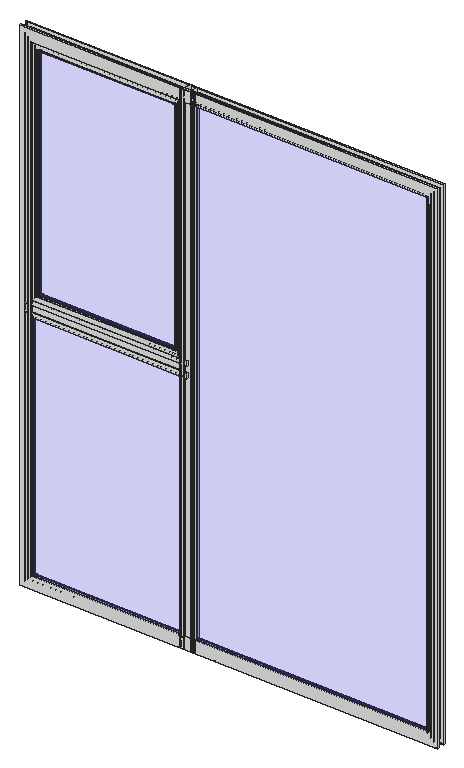
Revit family "WAL_A3-Classic-Side-Hung-1500x1800-PS1518R", category Windows, host Wall, Revit 2016
Family settings
  Host = Wall
  Always vertical = Yes
  Cut with Voids When Loaded = No
  Shared = No
  Room Calculation Point = No
Parameters (values of type "1500 x 1800 PS1518R Classic Side Hung")
  URL = "www.agi.co.za"
  Trim Material = Metal - Aluminium
  Model = "Top Hung"
  Manufacturer Code = "PS1518R"
  Manufacturer = "AGI Aluminium"
  Height = 1800 mm
  Glass Material = Glass
  Frame Material = Metal - Aluminium
  Description = "Classic Side Hung"
  Default Sill Height = 800 mm
  Wall Closure = By host
  Width = 1500 mm
  Assembly Code = "B2020110"
Reference planes
  plane 1 "Center": y = 0
  plane 2 "Center (Left/Right)": x = 0
  plane 3 "Left": x = -750
  plane 4 "Right": x = 750
  plane 5 "Sill": z = 800
  plane 6 "Head": z = 2600
  plane 7 "Exterior": y = 75
  plane 8 "Interior": y = -75
  plane 9: z = 2602
  plane 10: x = 752
  plane 11: x = -752
  plane 12: z = 798
  plane 13: z = 2564
  plane 14: z = 813.9
  plane 15: x = 736.1
  plane 16: x = -714
  plane 17: z = 1700
  plane 18: z = 1722
  plane 19: z = 1684
  plane 20: x = -150
  plane 21: x = -172
  plane 22: x = -134
  plane 23: z = 2586.1
  plane 24: x = -736.1
Forms (mm)
  Sweep 1, solid, material "Metal - Aluminium", detail levels medium+fine
    path origin (0, 0, 0) x (1, 0, 0) y (0, 0, 1)
      loop
        line (750, 2600) -> (-750, 2600) -> (-750, 800) -> (750, 800) -> (750, 2600)
    profile "Frame : Frame" origin (0, 0, 2600) x (0, 0, -1) y (0, -1, 0)
      loop
        line (0, -30) -> (28, -30) -> (28, -29) -> (26, -29) -> (26, -1) -> (28, -1) -> (28, -7) -> (29, -7) -> (29, -1) -> (37, -1) -> (37, -3.645) -> (38, -3.645) -> (38, -1) -> (40, -1) -> (40, -3.645) -> (41, -3.645) -> (41, 0) -> (0, 0) -> (0, -2) -> (1, -2) -> (1, -1) -> (15.005, -1) -> (15.005, -4) -> (16.005, -4) -> (16.005, -1) -> (25, -1) -> (25, -29) -> (16.005, -29) -> (16.005, -26) -> (15.005, -26) -> (15.005, -29) -> (1, -29) -> (1, -28) -> (0, -28) -> (0, -30)
  Sweep 2, solid, material "Metal - Aluminium", detail levels medium+fine
    path origin (0, 0, 0) x (1, 0, 0) y (0, 0, 1)
      loop
        line (-150, 2600) -> (-150, 800)
    profile "30 x 50 Center Divide : 30 x 50 Center Divide" origin (-150, 0, 1700) x (1, 0, 0) y (0, -1, 0)
      loop
        line (-11, -5) -> (-11, -29) -> (11, -29) -> (11, -5) -> (-11, -5)
      loop
        line (-27.011, 0) -> (-27.011, -3.245) -> (-26.011, -3.245) -> (-26.011, -1) -> (-24.011, -1) -> (-24.011, -3.245) -> (-23.011, -3.245) -> (-23.011, -1) -> (-15.011, -1) -> (-15.011, -6.6) -> (-14.011, -6.6) -> (-14.011, -1) -> (-13.142, -1) -> (-12, -5.263) -> (-12, -29) -> (-14, -29) -> (-14, -30) -> (14, -30) -> (14, -29) -> (12, -29) -> (12, -5.263) -> (13.142, -1) -> (14, -1) -> (14, -7) -> (15, -7) -> (15, -1) -> (23, -1) -> (23, -3.645) -> (24, -3.645) -> (24, -1) -> (26, -1) -> (26, -3.645) -> (27, -3.645) -> (27, 0) -> (12.375, 0) -> (11.303, -4) -> (-11.303, -4) -> (-12.375, 0) -> (-27.011, 0)
  Sweep 3, solid, material "Metal - Aluminium", detail levels medium+fine
    path origin (0, 0, 0) x (1, 0, 0) y (0, 0, 1)
      loop
        line (-150, 1700) -> (-750, 1700)
    profile "30 x 50 Center Divide : 30 x 50 Center Divide" origin (-450, 0, 1700) x (0, 0, -1) y (0, -1, 0)
      loop
        line (-11, -5) -> (-11, -29) -> (11, -29) -> (11, -5) -> (-11, -5)
      loop
        line (-27.011, 0) -> (-27.011, -3.245) -> (-26.011, -3.245) -> (-26.011, -1) -> (-24.011, -1) -> (-24.011, -3.245) -> (-23.011, -3.245) -> (-23.011, -1) -> (-15.011, -1) -> (-15.011, -6.6) -> (-14.011, -6.6) -> (-14.011, -1) -> (-13.142, -1) -> (-12, -5.263) -> (-12, -29) -> (-14, -29) -> (-14, -30) -> (14, -30) -> (14, -29) -> (12, -29) -> (12, -5.263) -> (13.142, -1) -> (14, -1) -> (14, -7) -> (15, -7) -> (15, -1) -> (23, -1) -> (23, -3.645) -> (24, -3.645) -> (24, -1) -> (26, -1) -> (26, -3.645) -> (27, -3.645) -> (27, 0) -> (12.375, 0) -> (11.303, -4) -> (-11.303, -4) -> (-12.375, 0) -> (-27.011, 0)
  Sweep 4, solid, material "Metal - Aluminium", detail levels medium+fine
    path origin (0, 0, 0) x (1, 0, 0) y (0, 0, 1)
      loop
        line (-134, 2602) -> (-752, 2602) -> (-752, 1684) -> (-134, 1684) -> (-134, 2602)
    profile "Casement : Casement" origin (-443, 0, 2602) x (0, 0, -1) y (0, -1, 0)
      loop
        line (40, -4.645) -> (40, -32.645) -> (49, -32.645) -> (49, -4.645) -> (40, -4.645)
      loop
        line (65, -3.645) -> (37, -3.645) -> (37, -4.645) -> (39, -4.645) -> (39, -32.645) -> (37, -32.645) -> (37, -26.645) -> (36, -26.645) -> (36, -32.645) -> (28, -32.645) -> (28, -30) -> (27, -30) -> (27, -32.645) -> (25, -32.645) -> (25, -30) -> (24, -30) -> (24, -33.645) -> (50, -33.645) -> (50, -4.645) -> (52, -4.645) -> (52, -10.645) -> (53, -10.645) -> (53, -4.645) -> (61, -4.645) -> (61, -7.289) -> (62, -7.289) -> (62, -4.645) -> (64, -4.645) -> (64, -7.289) -> (65, -7.289) -> (65, -3.645)
  Sweep 5, solid, material "Metal - Aluminium" <- "Trim Material", detail levels medium+fine
    path origin (0, 0, 0) x (1, 0, 0) y (0, 0, 1)
      loop
        line (736.1, 2586.1) -> (-150, 2586.1) -> (-150, 813.9) -> (736.1, 813.9) -> (736.1, 2586.1)
    profile "Trim : Trim" origin (293.05, 0, 2586.1) x (0, 0, -1) y (0, -1, 0)
      loop
        line (24.555, -1.643) -> (24.555, -4.05)
        arc (24.555, -4.05) -> (23.436, -4.753) -> (23, -6) r 2
        line (23, -6) -> (27, -6)
        arc (27, -6) -> (26.552, -4.739) -> (25.41, -4.042) r 2
        line (25.41, -4.042) -> (25.41, -1.643) -> (24.555, -1.643)
      loop
        line (14, -29) -> (29, -14) -> (29, -12.474) -> (26.323, -12.474)
        arc (26.323, -12.474) -> (26.823, -11.797) -> (27, -10.974) r 2
        line (27, -10.974) -> (23, -10.974)
        arc (23, -10.974) -> (23.177, -11.797) -> (23.677, -12.474) r 2
        line (23.677, -12.474) -> (13.467, -12.474) -> (13.467, -4) -> (12.5, -4) -> (12.5, -13.474) -> (20.535, -13.474) -> (24.323, -17.263) -> (12.586, -29) -> (14, -29)
  Sweep 6, solid, material "Metal - Aluminium", detail levels medium+fine
    path origin (0, 0, 0) x (1, 0, 0) y (0, 0, 1)
      loop
        line (-150, 1700) -> (-736.1, 1700) -> (-736.1, 813.9) -> (-150, 813.9) -> (-150, 1700)
    profile "Trim : Trim" origin (-443.05, 0, 1700) x (0, 0, -1) y (0, -1, 0)
      loop
        line (24.555, -1.643) -> (24.555, -4.05)
        arc (24.555, -4.05) -> (23.436, -4.753) -> (23, -6) r 2
        line (23, -6) -> (27, -6)
        arc (27, -6) -> (26.552, -4.739) -> (25.41, -4.042) r 2
        line (25.41, -4.042) -> (25.41, -1.643) -> (24.555, -1.643)
      loop
        line (14, -29) -> (29, -14) -> (29, -12.474) -> (26.323, -12.474)
        arc (26.323, -12.474) -> (26.823, -11.797) -> (27, -10.974) r 2
        line (27, -10.974) -> (23, -10.974)
        arc (23, -10.974) -> (23.177, -11.797) -> (23.677, -12.474) r 2
        line (23.677, -12.474) -> (13.467, -12.474) -> (13.467, -4) -> (12.5, -4) -> (12.5, -13.474) -> (20.535, -13.474) -> (24.323, -17.263) -> (12.586, -29) -> (14, -29)
  Sweep 7, solid, material "Metal - Aluminium", detail levels medium+fine
    path origin (0, 0, 0) x (1, 0, 0) y (0, 0, 1)
      loop
        line (-172, 2564) -> (-714, 2564) -> (-714, 1722) -> (-172, 1722) -> (-172, 2564)
    profile "Trim : Trim" origin (-443, 0, 2564) x (0, 0, -1) y (0, -1, 0)
      loop
        line (24.555, -1.643) -> (24.555, -4.05)
        arc (24.555, -4.05) -> (23.436, -4.753) -> (23, -6) r 2
        line (23, -6) -> (27, -6)
        arc (27, -6) -> (26.552, -4.739) -> (25.41, -4.042) r 2
        line (25.41, -4.042) -> (25.41, -1.643) -> (24.555, -1.643)
      loop
        line (14, -29) -> (29, -14) -> (29, -12.474) -> (26.323, -12.474)
        arc (26.323, -12.474) -> (26.823, -11.797) -> (27, -10.974) r 2
        line (27, -10.974) -> (23, -10.974)
        arc (23, -10.974) -> (23.177, -11.797) -> (23.677, -12.474) r 2
        line (23.677, -12.474) -> (13.467, -12.474) -> (13.467, -4) -> (12.5, -4) -> (12.5, -13.474) -> (20.535, -13.474) -> (24.323, -17.263) -> (12.586, -29) -> (14, -29)
  Extrusion 8, solid, material "Glass", detail levels medium+fine
    sketch origin (0, 0, 0) x (1, 0, 0) y (0, 1, 0)
      loop
        line (-713.118, 10.974) -> (-713.118, 6) -> (-173, 6) -> (-173, 10.974) -> (-713.118, 10.974)
    from 836.9 to 1677
  Extrusion 9, solid, material "Glass", detail levels medium+fine
    sketch origin (0, 0, 0) x (1, 0, 0) y (0, 1, 0)
      loop
        line (-127.018, 10.974) -> (-127.018, 6) -> (713.1, 6) -> (713.1, 10.974) -> (-127.018, 10.974)
    from 836.9 to 2563.1
  Extrusion 10, solid, material "Glass", detail levels medium+fine
    sketch origin (0, 0, 0) x (1, 0, 0) y (0, 1, 0)
      loop
        line (-691.018, 10.974) -> (-691.018, 6) -> (-195, 6) -> (-195, 10.974) -> (-691.018, 10.974)
    from 1745 to 2541
Cuts and joins
  joined: Sweep 1, Sweep 2, Sweep 3
Lines and regions (mm)
  Opening 1
    outline origin (3500, -75, 0) x (1, 0, 0) y (0, 0, 1)
      loop
        line (-2750, 800) -> (-2750, 2600) -> (-4250, 2600) -> (-4250, 800) -> (-2750, 800)
  symbolic lines, style "Elevation Swing"
    curve 1: line (-728, 0, 2578) -> (-158, 0, 2143)
    curve 2: line (-158, 0, 2143) -> (-727, 0, 1709)
Text (mm)
  text "EXTERIOR" at (-1963.203, 1332.353, 0), in view "Ref. Level"
  text "INTERIOR" at (-1981.466, -818.386, 0), in view "Ref. Level"
  text "Exterior" at (0, 923.751, 2943.296), in view "Right"
  text "Exterior" at (0, 1040.484, 2685.409), in view "Left"
Dimensions and locks
  equal spacing: plane 3 "Left", plane 2 "Center (Left/Right)", plane 4 "Right"
  "Width": plane 3 "Left" to plane 4 "Right"
  "Height": plane 5 "Sill" to plane 6 "Head"
  "Default Sill Height": plane 5 "Sill" to level
  locked: plane 7 "Exterior" to host wall at 0
  locked: plane 8 "Interior" to host wall
  locked: plane 12 to plane 5 "Sill" at 2
  locked: plane 6 "Head" to plane 9 at 2
  locked: plane 4 "Right" to plane 10 at 2
  locked: plane 11 to plane 3 "Left" at 2
  locked: plane 15 to plane 4 "Right" at 13.9
  locked: plane 3 "Left" to plane 16 at 36
  locked: plane 5 "Sill" to plane 14 at 13.9
  locked: plane 13 to plane 6 "Head" at 36
  equal spacing: plane 5 "Sill", plane 17, plane 6 "Head"
  locked: plane 19 to plane 17 at 16
  locked: plane 17 to plane 18 at 22
  locked: plane 3 "Left" to plane 20 at 600
  locked: plane 21 to plane 20 at 22
  locked: plane 20 to plane 22 at 16
  locked: plane 24 to plane 3 "Left" at 13.9
  locked: plane 23 to plane 6 "Head" at 13.9
  aligned and locked: host wall to Sweep 1 sketch curve
  aligned and locked: Sweep 1 sketch curve to host wall  (x3)
  aligned and locked: plane 5 "Sill" to Sweep 2 sketch curve
  aligned and locked: plane 6 "Head" to Sweep 2 sketch curve
  aligned and locked: Sweep 2 sketch curve to plane 20
  aligned and locked: plane 20 to Sweep 3 sketch curve
  aligned and locked: plane 3 "Left" to Sweep 3 sketch curve
  aligned and locked: Sweep 3 sketch curve to plane 17
  aligned and locked: Sweep 4 sketch curve to plane 9
  aligned and locked: plane 19 to Sweep 4 sketch curve
  aligned and locked: plane 22 to Sweep 4 sketch curve
  aligned and locked: Sweep 4 sketch curve to plane 11
  aligned and locked: plane 14 to Sweep 5 sketch curve
  aligned and locked: plane 15 to Sweep 5 sketch curve
  aligned and locked: plane 23 to Sweep 5 sketch curve
  aligned and locked: Sweep 5 sketch curve to plane 20
  aligned and locked: plane 14 to Sweep 6 sketch curve
  aligned and locked: plane 20 to Sweep 6 sketch curve
  aligned and locked: Sweep 6 sketch curve to plane 17
  aligned and locked: Sweep 6 sketch curve to plane 24
  aligned and locked: plane 18 to Sweep 7 sketch curve
  aligned and locked: Sweep 7 sketch curve to plane 16
  aligned and locked: Sweep 7 sketch curve to plane 21
  aligned and locked: Sweep 7 sketch curve to plane 13
  aligned and locked: Sweep 6 to Extrusion 8 sketch curve  (x2)
  aligned and locked: Extrusion 8 sketch curve to Sweep 6  (x2)
  aligned and locked: Extrusion 8 to Sweep 5
  aligned and locked: Extrusion 8 to Sweep 6
  aligned and locked: Sweep 5 to Extrusion 9 sketch curve  (x2)
  aligned and locked: Extrusion 9 sketch curve to Sweep 5  (x2)
  aligned and locked: Extrusion 9 to Sweep 5  (x2)
  aligned and locked: Sweep 7 to Extrusion 10 sketch curve  (x2)
  aligned and locked: Extrusion 10 sketch curve to Sweep 7  (x2)
  aligned and locked: Extrusion 10 to Sweep 7  (x2)
Automatic sketch dimensions
  Opening 1 sketch curve to plane 3 "Left" = 0 mm
  Opening 1 sketch curve to plane 4 "Right" = 0 mm
  Opening 1 sketch curve to plane 5 "Sill" = 0 mm
  Opening 1 sketch curve to plane 6 "Head" = 0 mm
  plane 24 to curve 1 = 8.1 mm
  plane 24 to curve 2 = 9.1 mm
  plane 20 to curve 2 = 8 mm
  plane 17 to curve 2 = 9 mm
  curve 2 to plane 13 = 421 mm
  plane 23 to curve 1 = 8.1 mm
